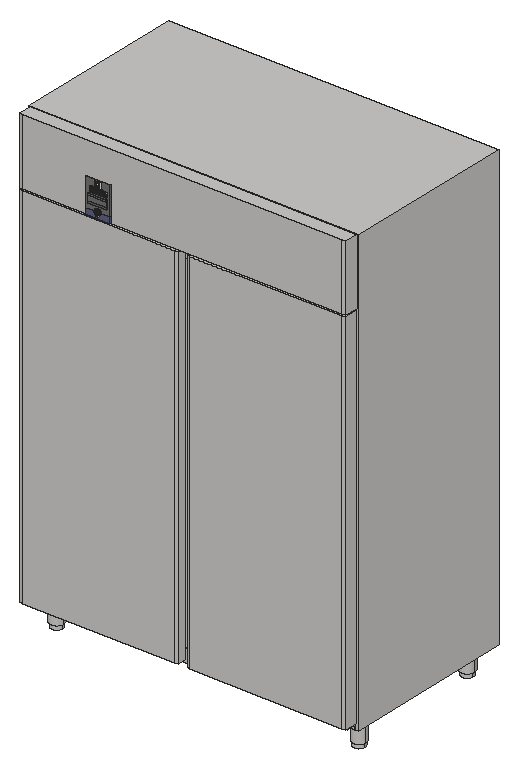
Revit family "QF_ELECTROLUXPROFESSIONAL_725228_REX142FRM", category Specialty Equipment, Revit 2018
Family settings
  Round Connector Dimension = Use Diameter
  Part Type = Normal
  Work Plane-Based = No
  Always vertical = Yes
  Cut with Voids When Loaded = No
  Shared = No
  Room Calculation Point = No
Parameters (values of type "Standard")
  Weight = 210.00 kg
  Watts = 0 W
  Volts = 220 V
  URL Manufacturer = "http://professional.electrolux.com"
  URL = "http://professional.electrolux.com"
  Steam Supply Size = 0 mm
  Steam Supply Minimum Pressure = 0.0 Pa
  Steam Supply Maximum Pressure = 0.0 Pa
  Steam Pounds per Hour = 0
  Refrigeration Suction Line Size = 0 mm
  Refrigeration Liquid Line Size = 0 mm
  Refrigerant Compressor Remote = yes
  Manufacturer = "Electrolux Professional"
  Phase = 1
  Model = "REX142FRM"
  Length Actual = 1441 mm  # constant formula
  Item Number = "725228"
  Hot Water Size = 0 mm
  Height Actual = 2050 mm  # constant formula
  HP = "0.4 HP"
  Gas Size = 0 mm
  Gas KW = 0
  Gas Input Pressure = 0 W
  Direct Waste Size = 0 mm
  Description = "2-DOOR REFRIG 1430L -2/+10°C, DIG. A304 - R290 - MARINE 50HZ"
  Depth Actual = 835 mm  # constant formula
  Cycle = 50 Hz
  Condensate Return Size = 0 mm
  Compressed Air Volume = 0.0 L/s
  Compressed Air Size = 0 mm
  Compressed Air Pressure = 0.0 Pa
  Cold Water Size = 0 mm
  Accessory = yes
Reference planes
  plane 1 "Center (Front/Back)": y = 0
  plane 2: z = 0
  plane 3 "Center (Left/Right)": x = 0
  plane 4 "BASE": z = 110
  plane 5 "TOP": z = 2050
  plane 6 "FRONT": y = -417.5
  plane 7 "BACK": y = 417.5
  plane 8 "LEFT": x = -720.5
  plane 9 "RIGHT": x = 720.5
Forms (mm)
  Extrusion 1, solid, material "QF_Finishes_Stainless Steel"
    sketch origin (0, 0, 0) x (1, 0, 0) y (0, 1, 0)
      loop
        circle (-643.5, 344.5) r 25
      loop
        circle (643.5, 344.5) r 25
      loop
        circle (-660.5, -269.5) r 25
      loop
        circle (660.5, -269.5) r 25
      loop
        circle (0, -121) r 25
    from 0 to 20
  Extrusion 2, solid, material "QF_Finishes_Stainless Steel"
    sketch origin (0, 0, 0) x (1, 0, 0) y (0, 1, 0)
      loop
        circle (-643.5, 344.5) r 30
      loop
        circle (643.5, 344.5) r 30
      loop
        circle (660.5, -269.5) r 30
      loop
        circle (-660.5, -269.5) r 30
      loop
        circle (0, -121) r 30
    from 20 to 110
  Extrusion 3, solid, material "QF_Finishes_Stainless Steel"
    sketch origin (0, 0, 110) x (-1, 0, 0) y (0, -1, 0)
      loop
        line (720.5, -417.5) -> (720.5, 345.5) -> (-720.5, 345.5) -> (-720.5, -417.5) -> (720.5, -417.5)
    from 0 to 1940
  Extrusion 4, solid
    sketch origin (0, 417.5, 1685) x (-1, 0, 0) y (0, 0, 1)
      loop
        circle (704.5, 124) r 10
    from 0 to 3.2
  Extrusion 5, solid, material "QF_Door-Drawer Clearances", detail levels coarse
    sketch origin (0, 0, 110) x (-1, 0, 0) y (0, -1, 0)
      loop
        line (-712.5, 409.5) -> (-648.5, 409.5) -> (-648.5, 1006.5) -> (-666.5, 1006.5) -> (-666.5, 1024.5) -> (-688.5, 1024.5) -> (-688.5, 1062.5) -> (-712.5, 1062.5) -> (-712.5, 409.5)
    from 1642.965 to 28
  Extrusion 6, solid, material "QF_Door-Drawer Clearances", detail levels coarse
    sketch origin (0, 0, 110) x (-1, 0, 0) y (0, -1, 0)
      loop
        line (-648.5, 409.5) -> (0, 409.5)
        arc (0, 409.5) -> (-211.9, 875.546) -> (-688.5, 1062.5) r 681.392
        line (-688.5, 1062.5) -> (-688.5, 1024.5) -> (-666.5, 1024.5) -> (-666.5, 1006.5) -> (-648.5, 1006.5) -> (-648.5, 409.5)
    from 1642.965 to 28
  Extrusion 7, solid, material "QF_Clearances", detail levels coarse
    sketch origin (0, 0, 110) x (-1, 0, 0) y (0, -1, 0)
      loop
        line (720.5, 417.5) -> (720.5, -417.5) -> (-720.5, -417.5) -> (-720.5, 417.5) -> (-740.5, 417.5) -> (-740.5, -447.5) -> (740.5, -447.5) -> (740.5, 417.5) -> (720.5, 417.5)
    from -110 to 1940
  Extrusion 8, solid, material "QF_Clearances", detail levels coarse
    sketch origin (0, 0, 2050) x (-1, 0, 0) y (0, -1, 0)
      loop
        line (740.5, -447.5) -> (740.5, 417.5) -> (-740.5, 417.5) -> (-740.5, -447.5) -> (740.5, -447.5)
    from 0 to 500
  Extrusion 9, void
    sketch origin (0, 417.5, 0) x (-1, 0, 0) y (0, 0, 1)
      loop
        line (645.5, 1724) -> (430, 1724) -> (430, 1695) -> (-430, 1695) -> (-430, 1724) -> (-645.5, 1724) -> (-645.5, 180) -> (-322.75, 170.906) -> (0, 180) -> (322.75, 170.906) -> (645.5, 180) -> (645.5, 1724)
    from -56 to -763
  Extrusion 10, solid, material "QF_Door-Drawer Clearances", detail levels coarse
    sketch origin (0, 0, 110) x (1, 0, 0) y (0, 1, 0)
      loop
        line (-712.5, -409.5) -> (-712.5, -1062.5) -> (-688.5, -1062.5) -> (-688.5, -1024.5) -> (-666.5, -1024.5) -> (-666.5, -1006.5) -> (-648.5, -1006.5) -> (-648.5, -409.5) -> (-712.5, -409.5)
    from 1642.965 to 28
  Extrusion 11, solid, material "QF_Door-Drawer Clearances", detail levels coarse
    sketch origin (0, 0, 110) x (1, 0, 0) y (0, 1, 0)
      loop
        line (-648.5, -409.5) -> (-648.5, -1006.5) -> (-666.5, -1006.5) -> (-666.5, -1024.5) -> (-688.5, -1024.5) -> (-688.5, -1062.5)
        arc (-688.5, -1062.5) -> (-211.9, -875.546) -> (0, -409.5) r 681.392
        line (0, -409.5) -> (-648.5, -409.5)
    from 1642.965 to 28
  Extrusion 12, solid, material "QF_Finishes_Stainless Steel"
    sketch origin (0, 417.5, 0) x (-1, 0, 0) y (0, 0, 1)
      loop
        line (40, 170.62) -> (40, 1695) -> (-40, 1695) -> (-40, 170.62) -> (0, 170) -> (40, 170.62)
    from -723 to -763
  Extrusion 13, solid, material "QF_Finishes_Stainless Steel"
    sketch origin (0, 0, 110) x (-1, 0, 0) y (0, -1, 0)
      loop
        circle (322.75, 254.5) r 7.938
      loop
        circle (-322.75, 254.5) r 7.938
    from 0 to -10
Cuts and joins
  joined: Extrusion 7, Extrusion 8
  Extrusion 9 cuts Extrusion 3
Lines and regions (mm)
  symbolic lines, style "SpecialityEquipmentHiddenLines"
    curve 1: line (712.5, -409.5, 110) -> (712.5, -1062.5, 110)
    curve 2: line (712.5, -1062.5, 110) -> (688.5, -1062.5, 110)
    curve 3: line (648.5, -409.5, 110) -> (648.5, -1006.5, 110)
    curve 4: line (688.5, -1062.5, 110) -> (688.5, -1024.5, 110)
    curve 5: line (688.5, -1024.5, 110) -> (666.5, -1024.5, 110)
    curve 6: line (666.5, -1024.5, 110) -> (666.5, -1006.5, 110)
    curve 7: line (666.5, -1006.5, 110) -> (648.5, -1006.5, 110)
    curve 13: arc (0, -409.5, 110) -> (211.9, -875.546, 110) -> (688.5, -1062.5, 110) r 681.392
    curve 14: line (-712.5, -1062.5, 110) -> (-688.5, -1062.5, 110)
    curve 15: line (-648.5, -409.5, 110) -> (-648.5, -1006.5, 110)
    curve 16: line (-688.5, -1062.5, 110) -> (-688.5, -1024.5, 110)
    curve 17: line (-688.5, -1024.5, 110) -> (-666.5, -1024.5, 110)
    curve 18: line (-666.5, -1024.5, 110) -> (-666.5, -1006.5, 110)
    curve 19: line (-666.5, -1006.5, 110) -> (-648.5, -1006.5, 110)
    curve 20: arc (0, -409.5, 110) -> (-211.9, -875.546, 110) -> (-688.5, -1062.5, 110) r 681.392
    curve 21: line (-712.5, -409.5, 110) -> (-712.5, -1062.5, 110)
  symbolic lines, style "QF_Clearances", detail levels coarse
    curve 8: line (-720.5, -417.5, 2050) -> (-740.5, -417.5, 2050)
    curve 9: line (-740.5, -417.5, 2050) -> (-740.5, 447.5, 2050)
    curve 10: line (-740.5, 447.5, 2050) -> (740.5, 447.5, 2050)
    curve 11: line (740.5, 447.5, 2050) -> (740.5, -417.5, 2050)
    curve 12: line (740.5, -417.5, 2050) -> (720.5, -417.5, 2050)
  symbolic lines
    curve 22: line (720.5, 417.5, 110) -> (-720.5, 417.5, 110)
    curve 23: line (720.5, -345.5, 110) -> (720.5, 417.5, 110)
    curve 24: line (-720.5, -345.5, 110) -> (720.5, -345.5, 110)
    curve 25: line (-720.5, 417.5, 110) -> (-720.5, -345.5, 110)
Dimensions and locks
  equal spacing: plane 7 "BACK", plane 1 "Center (Front/Back)", plane 6 "FRONT"
  equal spacing: plane 8 "LEFT", plane 3 "Center (Left/Right)", plane 9 "RIGHT"
  plane 8 "LEFT" to plane 9 "RIGHT" = 1441 mm
  plane 7 "BACK" to plane 6 "FRONT" = 835 mm
  plane 5 "TOP" to plane 2 = 2050 mm
  aligned and locked: level to plane 2
Automatic sketch dimensions
  curve 12 to plane 6 "FRONT" = 0 mm
  curve 12 to plane 9 "RIGHT" = 0 mm
  curve 8 to plane 6 "FRONT" = 0 mm
  curve 8 to plane 8 "LEFT" = 0 mm
  curve 10 to plane 9 "RIGHT" = 20 mm
  curve 8 to curve 9 = 20 mm
  plane 7 "BACK" to curve 10 = 30 mm
  Extrusion 1 sketch curve to plane 3 "Center (Left/Right)" = 0 mm
  plane 8 "LEFT" to Extrusion 1 sketch curve = 77 mm
  plane 8 "LEFT" to Extrusion 1 sketch curve = 60 mm
  plane 9 "RIGHT" to Extrusion 1 sketch curve = 77 mm
  plane 9 "RIGHT" to Extrusion 1 sketch curve = 60 mm
  plane 6 "FRONT" to Extrusion 1 sketch curve = 148 mm  (x2)
  plane 1 "Center (Front/Back)" to Extrusion 1 sketch curve = 121 mm
  Extrusion 1 sketch curve to plane 7 "BACK" = 73 mm  (x2)
  Extrusion 2 sketch curve to plane 3 "Center (Left/Right)" = 0 mm
  plane 8 "LEFT" to Extrusion 2 sketch curve = 77 mm
  plane 8 "LEFT" to Extrusion 2 sketch curve = 60 mm
  plane 9 "RIGHT" to Extrusion 2 sketch curve = 77 mm
  plane 9 "RIGHT" to Extrusion 2 sketch curve = 60 mm
  plane 6 "FRONT" to Extrusion 2 sketch curve = 148 mm  (x2)
  plane 1 "Center (Front/Back)" to Extrusion 2 sketch curve = 121 mm
  Extrusion 2 sketch curve to plane 7 "BACK" = 73 mm  (x2)
  Extrusion 3 sketch curve to plane 7 "BACK" = 0 mm
  Extrusion 3 sketch curve to plane 9 "RIGHT" = 0 mm
  Extrusion 3 sketch curve to plane 8 "LEFT" = 0 mm
  plane 6 "FRONT" to Extrusion 3 sketch curve = 72 mm
  plane 8 "LEFT" to Extrusion 4 sketch curve = 16 mm
  Extrusion 4 sketch curve to plane 5 "TOP" = 241 mm
  plane 9 "RIGHT" to Extrusion 5 sketch curve = 8 mm
  plane 9 "RIGHT" to Extrusion 5 sketch curve = 32 mm
  Extrusion 5 sketch curve to Extrusion 5 sketch curve = 22 mm
  plane 6 "FRONT" to Extrusion 5 sketch curve = 8 mm
  Extrusion 5 sketch curve to Extrusion 5 sketch curve = 64 mm
  Extrusion 5 sketch curve to plane 6 "FRONT" = 589 mm
  Extrusion 5 sketch curve to Extrusion 5 sketch curve = 18 mm
  Extrusion 5 sketch curve to Extrusion 5 sketch curve = 38 mm
  Extrusion 6 sketch curve to plane 3 "Center (Left/Right)" = 0 mm
  plane 9 "RIGHT" to Extrusion 6 sketch curve = 72 mm
  Extrusion 6 sketch curve to Extrusion 6 sketch curve = 18 mm  (x2)
  plane 9 "RIGHT" to Extrusion 6 sketch curve = 39.698 mm
  Extrusion 6 sketch curve to Extrusion 6 sketch curve = 22 mm
  plane 6 "FRONT" to Extrusion 6 sketch curve = 36.349 mm
  plane 6 "FRONT" to Extrusion 6 sketch curve = 8 mm
  Extrusion 6 sketch curve to Extrusion 6 sketch curve = 56 mm
  Extrusion 7 sketch curve to plane 6 "FRONT" = 0 mm  (x2)
  Extrusion 7 sketch curve to plane 7 "BACK" = 0 mm
  Extrusion 7 sketch curve to plane 9 "RIGHT" = 0 mm
  Extrusion 7 sketch curve to plane 8 "LEFT" = 0 mm
  Extrusion 7 sketch curve to plane 9 "RIGHT" = 20 mm
  Extrusion 7 sketch curve to Extrusion 7 sketch curve = 20 mm
  plane 7 "BACK" to Extrusion 7 sketch curve = 30 mm
  Extrusion 8 sketch curve to plane 6 "FRONT" = 0 mm
  Extrusion 8 sketch curve to plane 9 "RIGHT" = 20 mm
  Extrusion 8 sketch curve to plane 8 "LEFT" = 20 mm
  plane 7 "BACK" to Extrusion 8 sketch curve = 30 mm
  Extrusion 10 sketch curve to plane 8 "LEFT" = 8 mm
  Extrusion 10 sketch curve to plane 8 "LEFT" = 32 mm
  Extrusion 10 sketch curve to Extrusion 10 sketch curve = 22 mm
  Extrusion 10 sketch curve to plane 6 "FRONT" = 8 mm
  Extrusion 10 sketch curve to Extrusion 10 sketch curve = 64 mm
  plane 6 "FRONT" to Extrusion 10 sketch curve = 589 mm
  Extrusion 10 sketch curve to Extrusion 10 sketch curve = 18 mm
  Extrusion 10 sketch curve to Extrusion 10 sketch curve = 38 mm
  Extrusion 11 sketch curve to plane 3 "Center (Left/Right)" = 0 mm
  Extrusion 11 sketch curve to plane 8 "LEFT" = 72 mm
  Extrusion 11 sketch curve to Extrusion 11 sketch curve = 18 mm  (x2)
  Extrusion 11 sketch curve to plane 8 "LEFT" = 39.698 mm
  Extrusion 11 sketch curve to Extrusion 11 sketch curve = 22 mm
  Extrusion 11 sketch curve to plane 6 "FRONT" = 36.349 mm
  Extrusion 11 sketch curve to plane 6 "FRONT" = 8 mm
  Extrusion 11 sketch curve to Extrusion 11 sketch curve = 56 mm
  Extrusion 12 sketch curve to plane 3 "Center (Left/Right)" = 0 mm
  plane 3 "Center (Left/Right)" to Extrusion 12 sketch curve = 40 mm
  Extrusion 12 sketch curve to plane 3 "Center (Left/Right)" = 40 mm
  plane 4 "BASE" to Extrusion 12 sketch curve = 60 mm
  Extrusion 12 sketch curve to Extrusion 12 sketch curve = 0.62 mm  (x2)
  Extrusion 12 sketch curve to Extrusion 12 sketch curve = 1524.38 mm
  Extrusion 9 sketch curve to plane 3 "Center (Left/Right)" = 0 mm
  plane 4 "BASE" to Extrusion 9 sketch curve = 60.906 mm  (x2)
  plane 3 "Center (Left/Right)" to Extrusion 9 sketch curve = 322.75 mm
  plane 9 "RIGHT" to Extrusion 9 sketch curve = 290.5 mm
  plane 9 "RIGHT" to Extrusion 9 sketch curve = 75 mm
  Extrusion 9 sketch curve to plane 3 "Center (Left/Right)" = 322.75 mm
  plane 8 "LEFT" to Extrusion 9 sketch curve = 290.5 mm
  plane 8 "LEFT" to Extrusion 9 sketch curve = 75 mm
  plane 4 "BASE" to Extrusion 9 sketch curve = 70 mm  (x3)
  Extrusion 9 sketch curve to plane 5 "TOP" = 355 mm
  Extrusion 9 sketch curve to Extrusion 9 sketch curve = 29 mm  (x2)
  plane 3 "Center (Left/Right)" to Extrusion 13 sketch curve = 322.75 mm
  Extrusion 13 sketch curve to plane 3 "Center (Left/Right)" = 322.75 mm
  plane 6 "FRONT" to Extrusion 13 sketch curve = 163 mm  (x2)
  curve 24 to plane 9 "RIGHT" = 0 mm
  curve 13 to plane 3 "Center (Left/Right)" = 0 mm
  curve 24 to plane 8 "LEFT" = 0 mm
  curve 25 to plane 7 "BACK" = 0 mm
  plane 9 "RIGHT" to curve 1 = 8 mm
  plane 9 "RIGHT" to curve 4 = 32 mm
  plane 9 "RIGHT" to curve 13 = 39.698 mm
  curve 4 to curve 6 = 22 mm
  curve 6 to curve 7 = 18 mm
  plane 8 "LEFT" to curve 15 = 72 mm
  curve 15 to curve 18 = 18 mm
  plane 8 "LEFT" to curve 20 = 39.698 mm
  plane 8 "LEFT" to curve 14 = 32 mm
  plane 8 "LEFT" to curve 21 = 8 mm
  plane 6 "FRONT" to curve 24 = 72 mm
  plane 6 "FRONT" to curve 20 = 36.349 mm
  plane 6 "FRONT" to curve 13 = 36.349 mm
  curve 6 to plane 6 "FRONT" = 589 mm
  curve 19 to plane 6 "FRONT" = 589 mm
  curve 18 to curve 17 = 18 mm
  curve 6 to curve 4 = 18 mm
  curve 16 to curve 21 = 38 mm
  plane 6 "FRONT" to curve 1 = 8 mm
  plane 6 "FRONT" to curve 15 = 8 mm
  plane 6 "FRONT" to curve 21 = 8 mm
  plane 6 "FRONT" to curve 3 = 8 mm
  radius of Extrusion 1 sketch curve = 25 mm  (x5)
  radius of Extrusion 2 sketch curve = 30 mm  (x5)
  radius of Extrusion 4 sketch curve = 10 mm
  radius of Extrusion 13 sketch curve = 7.938 mm  (x2)
Nested families
  nested 1: "QF_725228_Door" at (0, -345.5, 968.365) x (1, 0, 0) z (0, -1, 0), type "QF_725228_Door"
    with Show Clearance yes
  nested 2: "Refrigerator" at (720.5, -417.5, 110), type "Refrigerator"
Connectors
  electrical at (-704.5, 420.7, 1809), driven by "Volts"
    settings: on Extrusion 4, index 2, voltage 220 V, apparent load 0 VA, apparent load phase1 0 VA, apparent load phase2 0 VA, apparent load phase3 0 VA, power factor 1, load classification "Other", number of poles 1, system type 30, power factor state 1, is connector primary yes, connector utility no, sub classification motor no, connector description "Electrical Connection"
  piping at (322.75, -254.5, 100), diameter 15.875
    settings: on Extrusion 13, index 3, connector inside diameter 609.6 mm, connector length 0 mm, flow factor 0, pipe flow 0.0 L/s, pressure drop 0.0 Pa, fitting loss kfactor 0, connector angle 0.00°, fixture units 0, engagement length 0 mm, angle of deflection 0.00°, flow configuration 1, flow direction 2, fitting loss method 0, system type 16, joint type 0, gender type 0, connector reference index -1, connector utility 0, adjustable connector no, is connector primary yes, connector description "Drain"
  piping at (-322.75, -254.5, 100), diameter 15.875
    settings: on Extrusion 13, index 4, connector inside diameter 609.6 mm, connector length 0 mm, flow factor 0, pipe flow 0.0 L/s, pressure drop 0.0 Pa, fitting loss kfactor 0, connector angle 0.00°, fixture units 0, engagement length 0 mm, angle of deflection 0.00°, flow configuration 1, flow direction 2, fitting loss method 0, system type 16, joint type 0, gender type 0, connector reference index -1, connector utility 0, adjustable connector no, is connector primary no, connector description "Drain"
Definition of nested family "QF_725228_Door"
  Parameters
    Show Clearance [instance] = yes
    Model = "725228"
    Default Elevation = 0 mm
  Reference planes
    plane 1 "Center (Front/Back)": y = 0
    plane 2: z = 0
    plane 3 "Center (Left/Right)": x = 0
    plane 4 "panel": z = 64
  Forms (mm)
    Extrusion 1, solid
      sketch origin (0, -919.2, 0) x (1, 0, 0) y (0, 1, 0)
        loop
          line (-980.5, 2119.2) -> (-980.5, -162.846) -> (881.94, -162.846) -> (881.94, 2119.2) -> (-980.5, 2119.2)
      from 0 to -59.546
    Extrusion 2, solid
      sketch origin (365.5, 0, 0) x (1, 0, 0) y (0, 0, 1)
        loop
          line (-347, 26) -> (-325, 26) -> (-325, 8) -> (-307, 8) -> (-307, 0) -> (339, 0) -> (339, 8) -> (347, 8) -> (347, 60) -> (332, 64) -> (-332, 64) -> (-347, 60) -> (-347, 26)
      from -784.6 to 830.4
    Extrusion 3, solid
      sketch origin (484.5, -516.365, 0) x (0, 1, 0) y (0, 0, 1)
        loop
          line (-323.003, 40.312) -> (-316.501, 40.312) -> (-316.501, 42.812) -> (-325.503, 42.812) -> (-325.503, 2.5) -> (-342, 2.5) -> (-342, 0) -> (-323.003, 0) -> (-323.003, 12.259) -> (-323.003, 40.312)
        loop
          line (-314, 38.311) -> (-316.501, 38.311) -> (-316.501, 14.304) -> (-319.752, 14.304) -> (-319.752, 11.804) -> (-314, 11.804) -> (-314, 38.311)
      from 185 to 220
    Extrusion 4, solid
      sketch origin (484.5, 469.597, 0) x (0, 1, 0) y (0, 0, 1)
        loop
          line (315.003, 27.948) -> (315.003, 2.948) -> (315.003, 0) -> (322.003, 0) -> (322.003, 2.5) -> (317.503, 2.5) -> (317.503, 27.948) -> (315.003, 27.948)
      from 185 to 220
    Extrusion 5, solid
      sketch origin (-365.5, 0, 0) x (-1, 0, 0) y (0, 0, -1)
        loop
          line (-1078, -60) -> (-1063, -64) -> (332, -64) -> (347, -60) -> (347, 0) -> (-1078, 0) -> (-1078, -60)
      from -1081.6 to -791.6
    Extrusion 6, solid
      sketch origin (-365.5, 0, 0) x (-1, 0, 0) y (0, 0, -1)
        loop
          line (-347, -26) -> (-347, -60) -> (-332, -64) -> (332, -64) -> (347, -60) -> (347, -8) -> (339, -8) -> (339, 0) -> (-307, 0) -> (-307, -8) -> (-325, -8) -> (-325, -26) -> (-347, -26)
      from -784.6 to 830.4
    Extrusion 7, solid
      sketch origin (-484.5, -516.365, 0) x (0, 1, 0) y (0, 0, -1)
        loop
          line (-323.003, -40.312) -> (-323.003, -12.259) -> (-323.003, 0) -> (-342, 0) -> (-342, -2.5) -> (-325.503, -2.5) -> (-325.503, -42.812) -> (-316.501, -42.812) -> (-316.501, -40.312) -> (-323.003, -40.312)
        loop
          line (-314, -38.311) -> (-314, -11.804) -> (-319.752, -11.804) -> (-319.752, -14.304) -> (-316.501, -14.304) -> (-316.501, -38.311) -> (-314, -38.311)
      from 185 to 220
    Extrusion 8, solid
      sketch origin (-484.5, 469.597, 0) x (0, 1, 0) y (0, 0, -1)
        loop
          line (315.003, -27.948) -> (317.503, -27.948) -> (317.503, -2.5) -> (322.003, -2.5) -> (322.003, 0) -> (315.003, 0) -> (315.003, -2.948) -> (315.003, -27.948)
      from 185 to 220
  Lines and regions (mm)
    symbolic lines
      curve 1: line (-697.5, 0, 64) -> (697.5, 0, 64)
      curve 2: line (712.5, 0, 0) -> (-712.5, 0, 0)
      curve 3: line (712.5, 0, 60) -> (712.5, 0, 0)
      curve 4: line (704.5, 0, 8) -> (712.5, 0, 8)
      curve 5: line (704.5, 0, 8) -> (704.5, 0, 0)
      curve 6: line (-376.111, 0, 72) -> (-356.111, 0, 72)
      curve 7: line (-376.111, 0, 66) -> (-376.111, 0, 72)
      curve 8: line (-356.111, 0, 72) -> (-356.111, 0, 66)
      curve 9: line (-380.111, 0, 66) -> (-352.111, 0, 66)
      curve 10: line (-380.111, 0, 64) -> (-380.111, 0, 66)
      curve 11: line (-352.111, 0, 66) -> (-352.111, 0, 64)
      curve 12: line (-712.5, 0, 60) -> (-712.5, 0, 0)
      curve 13: line (-704.5, 0, 8) -> (-712.5, 0, 8)
      curve 14: line (-704.5, 0, 8) -> (-704.5, 0, 0)
      curve 15: line (-697.5, 0, 64) -> (-712.5, 0, 60)
      curve 16: line (712.5, 0, 60) -> (697.5, 0, 64)
  Dimensions and locks
    aligned and locked: plane 2 to Extrusion 1
    aligned and locked: level to Extrusion 1
  Nested families
    nested 1: "QF_DisplayStandardCabinets" at (-365.5, 863.6, 64), type "QF_DisplayStandardCabinets"
      with Show Clearance yes
  Definition of nested family "QF_DisplayStandardCabinets"
    Parameters
      Show Clearance [instance] = yes
      Model = "728658"
      Default Elevation = 1219.2 mm
    Reference planes
      plane 1 "Center (Front/Back)": y = 0
      plane 2: z = 0
      plane 3 "Center (Left/Right)": x = 0
    Forms (mm)
      Extrusion 1, solid
        sketch origin (0, -919.2, 0) x (1, 0, 0) y (0, 1, 0)
          loop
            line (-198.75, 1146.2) -> (-198.75, 709.567) -> (165.741, 709.567) -> (165.741, 1146.2) -> (-198.75, 1146.2)
        from 0 to -59.546
      Extrusion 2, solid
        sketch origin (-59, -44.611, 0) x (0, 1, 0) y (-1, 0, 0)
          loop
            circle (0.611, -59) r 14
        from 4 to 7
      Extrusion 3, solid
        sketch origin (744.635, 320.889, 0) x (0, 1, 0) y (-1, 0, 0)
          loop
            circle (-364.889, 744.635) r 10
          loop
            circle (-364.889, 744.635) r 9
        from 4 to 8
      Extrusion 4, solid
        sketch origin (744.635, 320.889, 0) x (0, 1, 0) y (-1, 0, 0)
          loop
            circle (-364.889, 744.635) r 8.7
        from 4 to 8
      Extrusion 5, void
        sketch origin (744.635, 320.889, 0) x (0, 1, 0) y (-1, 0, 0)
          loop
            line (-372.339, 745.885) -> (-372.339, 743.385) -> (-362.339, 743.385) -> (-362.339, 745.885) -> (-372.339, 745.885)
        from 8.592 to 6.269
      Extrusion 6, solid
        sketch origin (744.635, 320.889, 0) x (0, 1, 0) y (-1, 0, 0)
          loop
            line (-372.339, 745.885) -> (-372.339, 743.385) -> (-362.339, 743.385) -> (-362.339, 745.885) -> (-372.339, 745.885)
        from 6 to 8
      Extrusion 7, solid
        sketch origin (0, 0, 0) x (1, 0, 0) y (0, 1, 0)
          loop
            line (-51.473, 80) -> (-51.473, -44) -> (-14, -44)
            arc (-14, -44) -> (0, -30) -> (14, -44) r 14
            line (14, -44) -> (50.954, -44) -> (50.954, 80) -> (-51.473, 80)
        from 0 to 4
      Extrusion 8, solid
        sketch origin (0, -30, 0) x (0, 1, 0) y (0, 0, 1)
          loop
            line (10.404, 4) -> (17.404, 4) -> (17.404, 8)
            arc (17.404, 8) -> (13.868, 7.749) -> (10.404, 7) r 25
            line (10.404, 7) -> (10.404, 4)
          loop
            arc (47.404, 7) -> (43.939, 7.749) -> (40.404, 8) r 25
            line (40.404, 8) -> (40.404, 4) -> (47.404, 4) -> (47.404, 7)
        from 40 to -40
      Extrusion 9, solid
        sketch origin (0, -30, 0) x (1, 0, 0) y (0, 1, 0)
          loop
            line (-40, 40.404) -> (-40, 17.404) -> (40, 17.404) -> (40, 40.404) -> (-40, 40.404)
        from 8 to 4
      Extrusion 10, solid
        sketch origin (46.005, 87.683, 0) x (1, 0, 0) y (0, 1, 0)
          loop
            line (-43.063, -13.359) -> (-43.063, -33.154)
            arc (-43.063, -33.154) -> (-35.746, -23.257) -> (-43.063, -13.359) r 10.352
          loop
            arc (-44.07, -13.359) -> (-52.302, -15.23) -> (-56.268, -22.683) r 10.145
            line (-56.268, -22.683) -> (-52.994, -22.683)
            arc (-52.994, -22.683) -> (-47.143, -20.308) -> (-44.07, -14.793) r 9.509
            line (-44.07, -14.793) -> (-44.07, -13.359)
          loop
            arc (-44.07, -31.721) -> (-47.143, -26.205) -> (-52.994, -23.831) r 9.509
            line (-52.994, -23.831) -> (-56.268, -23.831)
            arc (-56.268, -23.831) -> (-52.309, -31.345) -> (-44.07, -33.408) r 10.411
            line (-44.07, -33.408) -> (-44.07, -31.721)
          loop
            line (-57.02, -12.279) -> (-57.02, -34.279) -> (-34.99, -34.279) -> (-34.99, -12.279) -> (-57.02, -12.279)
        from 4 to 5.6
      Extrusion 11, solid
        sketch origin (-12.866, 61.032, 0) x (1, 0, 0) y (0, 1, 0)
          loop
            line (-15.272, -12.492) -> (-22.708, -12.492) -> (-22.708, -21.151)
            arc (-22.708, -21.151) -> (-21.729, -23.514) -> (-19.367, -24.492) r 3.341
            line (-19.367, -24.492) -> (-15.128, -24.492) -> (-15.128, -22.55) -> (-18.883, -22.55)
            arc (-18.883, -22.55) -> (-20.117, -22.133) -> (-20.642, -20.941) r 1.615
            line (-20.642, -20.941) -> (-20.642, -19.224) -> (-15.593, -19.224) -> (-15.593, -17.274) -> (-20.642, -17.274) -> (-20.642, -14.436) -> (-15.272, -14.436) -> (-15.272, -12.492)
          loop
            line (-13.66, -12.492) -> (-13.66, -24.492) -> (-11.593, -24.492) -> (-11.593, -12.492) -> (-13.66, -12.492)
          loop
            line (31.232, -12.492) -> (31.232, -24.492) -> (33.3, -24.492) -> (33.3, -12.492) -> (31.232, -12.492)
          loop
            line (-8.175, -20.66) -> (-1.392, -20.66)
            arc (-1.392, -20.66) -> (-2.453, -16.934) -> (-6.081, -15.575) r 4.298
            arc (-6.081, -15.575) -> (-9.277, -17.196) -> (-10.188, -20.66) r 4.373
            arc (-10.188, -20.66) -> (-8.988, -23.558) -> (-6.091, -24.758) r 4.097
            arc (-6.091, -24.758) -> (-3.837, -24.425) -> (-1.946, -23.152) r 5.15
            line (-1.946, -23.152) -> (-3.171, -21.928)
            arc (-3.171, -21.928) -> (-4.778, -22.892) -> (-6.645, -22.73) r 3.039
            arc (-6.645, -22.73) -> (-7.784, -21.972) -> (-8.175, -20.66) r 2.013
          loop
            line (-8.123, -19.207) -> (-3.469, -19.207)
            arc (-3.469, -19.207) -> (-4.122, -17.833) -> (-5.557, -17.326) r 1.983
            arc (-5.557, -17.326) -> (-7.213, -17.758) -> (-8.123, -19.207) r 2.321
          loop
            line (6.665, -18.342) -> (7.963, -17.044)
            arc (7.963, -17.044) -> (6.336, -15.866) -> (4.358, -15.514) r 4.497
            arc (4.358, -15.514) -> (1.341, -16.616) -> (-0.242, -19.411) r 4.652
            arc (-0.242, -19.411) -> (2.426, -24.31) -> (7.89, -23.18) r 4.684
            line (7.89, -23.18) -> (6.599, -21.89)
            arc (6.599, -21.89) -> (3.813, -22.811) -> (1.817, -20.66) r 2.714
            arc (1.817, -20.66) -> (1.956, -18.959) -> (3.127, -17.718) r 2.578
            arc (3.127, -17.718) -> (5.002, -17.432) -> (6.665, -18.342) r 2.961
          loop
            line (9.233, -12.492) -> (9.233, -20.693)
            arc (9.233, -20.693) -> (9.411, -21.923) -> (9.872, -23.078) r 5.301
            arc (9.872, -23.078) -> (11.347, -24.251) -> (13.216, -24.498) r 3.531
            line (13.216, -24.498) -> (13.216, -22.561)
            arc (13.216, -22.561) -> (12.66, -22.519) -> (12.142, -22.313) r 1.862
            arc (12.142, -22.313) -> (11.478, -21.611) -> (11.3, -20.66) r 1.713
            line (11.3, -20.66) -> (11.3, -17.691) -> (13.177, -17.691) -> (13.177, -15.813) -> (11.3, -15.813) -> (11.3, -12.492) -> (9.233, -12.492)
          loop
            arc (16.966, -19.93) -> (17.114, -19.065) -> (17.54, -18.298) r 2.607
            arc (17.54, -18.298) -> (18.779, -17.662) -> (20.17, -17.691) r 2.84
            line (20.17, -17.691) -> (20.17, -15.704)
            arc (20.17, -15.704) -> (18.352, -15.876) -> (16.966, -17.064) r 3.016
            line (16.966, -17.064) -> (16.966, -15.813) -> (14.916, -15.813) -> (14.916, -24.492) -> (16.966, -24.492) -> (16.966, -19.93)
          loop
            circle (25.224, -20.154) r 4.599
          loop
            circle (25.224, -20.154) r 2.787
          loop
            arc (40.755, -20.878) -> (40.245, -22.281) -> (38.861, -22.84) r 1.835
            arc (38.861, -22.84) -> (37.476, -22.281) -> (36.966, -20.878) r 1.835
            line (36.966, -20.878) -> (36.966, -15.813) -> (34.881, -15.813) -> (34.881, -21.05)
            arc (34.881, -21.05) -> (36.067, -23.754) -> (38.861, -24.712) r 3.675
            arc (38.861, -24.712) -> (41.685, -23.725) -> (42.839, -20.965) r 3.675
            line (42.839, -20.965) -> (42.839, -15.813) -> (40.755, -15.813) -> (40.755, -20.878)
          loop
            line (44.088, -15.813) -> (47.09, -19.889) -> (43.792, -24.495) -> (46.014, -24.495) -> (48.203, -21.438) -> (50.424, -24.495) -> (52.632, -24.495) -> (49.381, -19.842) -> (52.354, -15.813) -> (50.097, -15.813) -> (48.196, -18.39) -> (46.324, -15.813) -> (44.088, -15.813)
          loop
            line (-21.545, -29.467) -> (-23.194, -29.467) -> (-23.194, -33.617) -> (-22.292, -33.617) -> (-22.292, -32.188) -> (-21.295, -32.188)
            arc (-21.295, -32.188) -> (-20.179, -30.713) -> (-21.545, -29.467) r 1.372
          loop
            arc (-21.334, -31.373) -> (-20.993, -30.839) -> (-21.334, -30.306) r 0.587
            line (-21.334, -30.306) -> (-22.292, -30.306) -> (-22.292, -31.373) -> (-21.334, -31.373)
          loop
            line (-15.033, -29.467) -> (-16.71, -29.467) -> (-16.71, -33.617) -> (-15.808, -33.617) -> (-15.808, -32.188) -> (-14.935, -32.188) -> (-14.339, -33.617) -> (-13.37, -33.617) -> (-14.186, -31.867)
            arc (-14.186, -31.867) -> (-13.795, -31.4) -> (-13.664, -30.805) r 1.281
            arc (-13.664, -30.805) -> (-14.076, -29.857) -> (-15.033, -29.467) r 1.37
          loop
            line (-15.808, -30.306) -> (-15.808, -31.373) -> (-14.85, -31.373)
            arc (-14.85, -31.373) -> (-14.509, -30.839) -> (-14.85, -30.306) r 0.587
            line (-14.85, -30.306) -> (-15.808, -30.306)
          loop
            circle (-8.072, -31.542) r 2.156
          loop
            circle (-8.072, -31.542) r 1.368
          loop
            line (-2.373, -29.467) -> (-2.373, -33.617) -> (-1.493, -33.617) -> (-1.493, -32.167) -> (0.069, -32.167) -> (0.069, -31.237) -> (-1.493, -31.237) -> (-1.493, -30.361) -> (0.219, -30.361) -> (0.219, -29.467) -> (-2.373, -29.467)
          loop
            line (3.719, -29.467) -> (3.719, -32.269)
            arc (3.719, -32.269) -> (4.101, -33.219) -> (5.046, -33.614) r 1.327
            line (5.046, -33.614) -> (6.385, -33.614) -> (6.385, -32.83) -> (5.126, -32.83)
            arc (5.126, -32.83) -> (4.662, -32.447) -> (4.571, -31.852) r 0.845
            line (4.571, -31.852) -> (6.23, -31.852) -> (6.23, -31.068) -> (4.571, -31.068) -> (4.571, -30.251) -> (6.345, -30.251) -> (6.345, -29.467) -> (3.719, -29.467)
          loop
            arc (18.747, -29.993) -> (18.197, -29.542) -> (17.501, -29.398) r 1.485
            arc (17.501, -29.398) -> (16.858, -29.556) -> (16.329, -29.955) r 1.645
            arc (16.329, -29.955) -> (16.232, -30.897) -> (16.84, -31.624) r 1.217
            arc (16.84, -31.624) -> (17.351, -31.794) -> (17.836, -32.029) r 4.201
            arc (17.836, -32.029) -> (18.142, -32.39) -> (17.931, -32.814) r 0.43
            arc (17.931, -32.814) -> (17.539, -32.906) -> (17.149, -32.807) r 0.846
            arc (17.149, -32.807) -> (16.811, -32.564) -> (16.605, -32.203) r 0.983
            line (16.605, -32.203) -> (15.879, -32.542)
            arc (15.879, -32.542) -> (16.14, -33.046) -> (16.562, -33.427) r 1.595
            arc (16.562, -33.427) -> (17.04, -33.631) -> (17.557, -33.683) r 1.719
            arc (17.557, -33.683) -> (18.196, -33.556) -> (18.772, -33.25) r 2.246
            arc (18.772, -33.25) -> (19.027, -32.573) -> (18.896, -31.863) r 1.349
            arc (18.896, -31.863) -> (18.612, -31.535) -> (18.249, -31.298) r 1.564
            arc (18.249, -31.298) -> (17.79, -31.093) -> (17.32, -30.917) r 8.236
            arc (17.32, -30.917) -> (17.048, -30.494) -> (17.441, -30.181) r 0.375
            arc (17.441, -30.181) -> (17.911, -30.294) -> (18.273, -30.616) r 0.998
            line (18.273, -30.616) -> (18.747, -29.993)
          loop
            line (22.554, -29.467) -> (22.554, -33.614) -> (23.407, -33.614) -> (23.407, -29.467) -> (22.554, -29.467)
          loop
            circle (29.157, -31.541) r 1.29
          loop
            circle (29.157, -31.541) r 2.154
          loop
            line (34.878, -33.614) -> (35.739, -33.614) -> (35.739, -31.007) -> (37.636, -33.614) -> (38.465, -33.614) -> (38.465, -29.467) -> (37.604, -29.467) -> (37.604, -32.154) -> (35.707, -29.467) -> (34.878, -29.467) -> (34.878, -33.614)
          loop
            line (42.765, -33.614) -> (43.169, -32.72) -> (44.703, -32.72) -> (45.106, -33.614) -> (46.023, -33.614) -> (44.271, -29.467) -> (43.471, -29.467) -> (41.849, -33.614) -> (42.765, -33.614)
          loop
            line (44.32, -31.869) -> (43.909, -30.958) -> (43.51, -31.869) -> (44.32, -31.869)
          loop
            line (50.258, -32.83) -> (50.258, -29.467) -> (49.406, -29.467) -> (49.406, -33.614) -> (51.853, -33.614) -> (51.853, -32.83) -> (50.258, -32.83)
          loop
            arc (12.529, -29.993) -> (11.98, -29.542) -> (11.284, -29.398) r 1.485
            arc (11.284, -29.398) -> (10.641, -29.556) -> (10.112, -29.955) r 1.645
            arc (10.112, -29.955) -> (10.014, -30.897) -> (10.622, -31.624) r 1.217
            arc (10.622, -31.624) -> (11.133, -31.794) -> (11.618, -32.029) r 4.201
            arc (11.618, -32.029) -> (11.925, -32.39) -> (11.714, -32.814) r 0.43
            arc (11.714, -32.814) -> (11.322, -32.906) -> (10.931, -32.807) r 0.846
            arc (10.931, -32.807) -> (10.594, -32.564) -> (10.387, -32.203) r 0.983
            line (10.387, -32.203) -> (9.662, -32.542)
            arc (9.662, -32.542) -> (9.923, -33.046) -> (10.345, -33.427) r 1.595
            arc (10.345, -33.427) -> (10.823, -33.631) -> (11.34, -33.683) r 1.719
            arc (11.34, -33.683) -> (11.979, -33.556) -> (12.555, -33.25) r 2.246
            arc (12.555, -33.25) -> (12.809, -32.573) -> (12.678, -31.863) r 1.349
            arc (12.678, -31.863) -> (12.394, -31.535) -> (12.031, -31.298) r 1.564
            arc (12.031, -31.298) -> (11.573, -31.093) -> (11.102, -30.917) r 8.236
            arc (11.102, -30.917) -> (10.83, -30.494) -> (11.223, -30.181) r 0.375
            arc (11.223, -30.181) -> (11.694, -30.294) -> (12.056, -30.616) r 0.998
            line (12.056, -30.616) -> (12.529, -29.993)
        from 4 to 5.6
      Extrusion 12, solid
        sketch origin (0, 0, 0) x (1, 0, 0) y (0, 1, 0)
          loop
            line (-51.473, -44) -> (-51.473, -70) -> (50.954, -70) -> (50.954, -44) -> (14, -44)
            arc (14, -44) -> (0, -58) -> (-14, -44) r 14
            line (-14, -44) -> (-51.473, -44)
        from 0 to 4
    Cuts and joins
      Extrusion 5 cuts Extrusion 4
      joined: Extrusion 8, Extrusion 9
    Lines and regions (mm)
      Split face 1
        outline origin (-41, 10.404, 8) x (-1, 0, 0) y (0, -1, 0)
          loop
            line (-72.157, 0.05) -> (-72.157, 10.5) -> (-78.157, 10.5) -> (-78.157, 0.05) -> (-72.157, 0.05)
      Split face 2
        outline origin (-50, 10.404, 8) x (-1, 0, 0) y (0, -1, 0)
          loop
            line (-72.157, 0.05) -> (-72.157, 10.5) -> (-78.157, 10.5) -> (-78.157, 0.05) -> (-72.157, 0.05)
      Split face 3
        outline origin (-50, 10.404, 8) x (-1, 0, 0) y (0, -1, 0)
          loop
            line (-72.157, 12.45) -> (-72.157, 22.9) -> (-78.157, 22.9) -> (-78.157, 12.45) -> (-72.157, 12.45)
      Split face 4
        outline origin (-50, 10.404, 8) x (-1, 0, 0) y (0, -1, 0)
          loop
            line (-81.157, 12.45) -> (-81.157, 22.9) -> (-87.157, 22.9) -> (-87.157, 12.45) -> (-81.157, 12.45)
      Split face 5
        outline origin (-50, 10.404, 8) x (-1, 0, 0) y (0, -1, 0)
          loop
            line (-13, 0.1) -> (-13, 22.9) -> (-69, 22.9) -> (-69, 0.1) -> (-13, 0.1)
      symbolic lines
        curve 1: line (52.518, 0, 4) -> (-53.037, 0, 4)
        curve 2: line (40, 0, 4) -> (40, 0, 8)
        curve 3: line (40, 0, 8) -> (-40, 0, 8)
        curve 4: line (-40, 0, 8) -> (-40, 0, 4)
        curve 5: line (-64.765, 0, 0) -> (-53.037, 0, 4)
        curve 6: line (52.518, 0, 4) -> (64.135, 0, 0)
    Dimensions and locks
      aligned and locked: plane 2 to Extrusion 1
      aligned and locked: level to Extrusion 1
Definition of nested family "Refrigerator"
  Reference planes
    plane 1 "Center (Front/Back)": y = 0
    plane 2: z = 0
    plane 3 "Center (Left/Right)": x = 0
  Lines and regions (mm)
    detail lines, in view "Ref. Level"
      curve 1: spline (-500, 190, 0) -> (-493.185, 166.706, 0) -> (-473.205, 145, 0) -> (-441.421, 126.36, 0) -> (-400, 112.058, 0) -> (-351.764, 103.067, 0) -> (-300, 100, 0) -> (-248.236, 103.067, 0) -> (-200, 112.058, 0) -> (-158.579, 126.36, 0) -> (-126.795, 145, 0) -> (-106.815, 166.706, 0) -> (-100, 190, 0) -> (-106.815, 213.294, 0) -> (-126.795, 235, 0) -> (-158.579, 253.64, 0) -> (-200, 267.942, 0) -> (-248.236, 276.933, 0) -> (-300, 280, 0) -> (-351.764, 276.933, 0) -> (-400, 267.942, 0) -> (-441.421, 253.64, 0) -> (-473.205, 235, 0) -> (-493.185, 213.294, 0) -> (-500, 190, 0)
      curve 2: line (-300, 130, 0) -> (-300, 250, 0)
      curve 3: line (-351.962, 220, 0) -> (-248.038, 160, 0)
      curve 4: line (-351.962, 160, 0) -> (-248.038, 220, 0)
      curve 5: line (-280.884, 246.873, 0) -> (-300, 225, 0)
      curve 6: line (-300, 225, 0) -> (-319.116, 246.873, 0)
      curve 7: line (-330.311, 207.5, 0) -> (-339.696, 234.992, 0)
      curve 8: line (-358.812, 201.882, 0) -> (-330.311, 207.5, 0)
      curve 9: line (-330.311, 172.5, 0) -> (-358.812, 178.118, 0)
      curve 10: line (-339.696, 145.008, 0) -> (-330.311, 172.5, 0)
      curve 11: line (-300, 155, 0) -> (-319.116, 133.127, 0)
      curve 12: line (-280.884, 133.127, 0) -> (-300, 155, 0)
      curve 13: line (-269.689, 172.5, 0) -> (-260.304, 145.008, 0)
      curve 14: line (-241.188, 178.118, 0) -> (-269.689, 172.5, 0)
      curve 15: line (-269.689, 207.5, 0) -> (-241.188, 201.882, 0)
      curve 16: line (-260.304, 234.992, 0) -> (-269.689, 207.5, 0)
